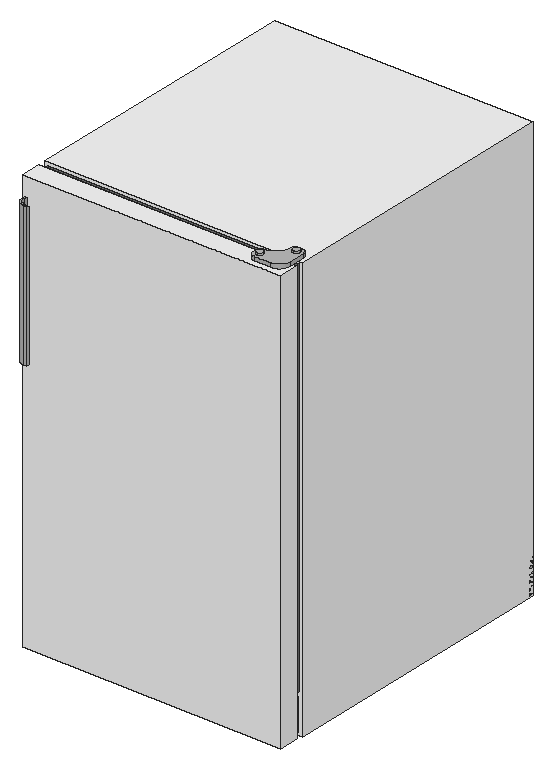
Revit family
Parameters
  Assembly Code = ""
Reference planes
  plane 1 "Center (Back)": y = 0
  plane 2: z = 0
  plane 3 "Center (Left/Right)": x = 0
  plane 4: y = -552.45
  plane 5: x = 490
  plane 6: x = 483.6
  plane 7: x = 600.075
Forms (mm)
  Extrusion 1, solid, material "Fridge - Body"
    sketch origin (0, 0, 0) x (0, 1, 0) y (0, 0, 1)
      loop
        line (0, 6.35) -> (0, 812.8) -> (-546.1, 812.8) -> (-546.1, 6.35) -> (0, 6.35)
    from 0 to 490
  Extrusion 2, solid, material "Fridge - Body"
    sketch origin (0, 0, 0) x (0, 1, 0) y (0, 0, 1)
      loop
        line (-558.8, 812.8) -> (-596.9, 812.8) -> (-596.9, 8.891) -> (-558.8, 8.891) -> (-558.8, 812.8)
    from 0 to 490
  Extrusion 3, solid, material "Fridge - Gasket"
    sketch origin (0, 0, 0) x (0, 1, 0) y (0, 0, 1)
      loop
        line (-552.45, 808.037) -> (-552.45, 80.962) -> (-546.1, 80.962) -> (-546.1, 808.037) -> (-552.45, 808.037)
    from 6.35 to 483.6
  Extrusion 4, solid, material "Fridge - Gasket"
    sketch origin (0, -6.35, 0) x (0, 1, 0) y (0, 0, 1)
      loop
        line (-552.45, 806.45) -> (-552.45, 82.55) -> (-546.1, 82.55) -> (-546.1, 806.45) -> (-552.45, 806.45)
    from 6.35 to 483.6
  Extrusion 5, solid, material "Fridge - Handle & Bracket"
    sketch origin (0, 0, 0) x (1, 0, 0) y (0, 1, 0)
      loop
        line (6.35, -603.25) -> (6.35, -596.9) -> (3.175, -596.9) -> (3.175, -603.25)
        arc (3.175, -603.25) -> (7.825, -614.475) -> (19.05, -619.125) r 15.875
        line (19.05, -619.125) -> (25.4, -619.125) -> (25.4, -615.95) -> (19.05, -615.95)
        arc (19.05, -615.95) -> (10.07, -612.23) -> (6.35, -603.25) r 12.7
    from 505.975 to 775.788
  Extrusion 6, solid
    sketch origin (31.75, 56.474, 0) x (1, 0, 0) y (0, 1, 0)
      loop
        circle (12.461, -580.349) r 19.05
    from 0 to 6.35
  Extrusion 7, solid
    sketch origin (458.25, 56.474, 0) x (-1, 0, 0) y (0, -1, 0)
      loop
        circle (9.286, 580.349) r 19.05
    from 0 to 6.35
  Extrusion 8, solid
    sketch origin (31.75, -615.274, 0) x (1, 0, 0) y (0, 1, 0)
      loop
        circle (12.461, 580.349) r 19.05
    from 0 to 6.35
  Extrusion 9, solid
    sketch origin (458.25, -615.274, 0) x (-1, 0, 0) y (0, -1, 0)
      loop
        circle (9.286, -580.349) r 19.05
    from 0 to 6.35
  Extrusion 10, void
    sketch origin (0, 0, 0) x (1, 0, 0) y (0, 0, 1)
      loop
        line (6.35, 73.094) -> (6.35, 8.891) -> (483.6, 8.891) -> (483.6, 73.094) -> (6.35, 73.094)
    from 0 to 558.8
  Extrusion 11, solid, material "Fridge - Rear Louver"
    sketch origin (0, 557.595, 0) x (0, 1, 0) y (0, 0, 1)
      loop
        line (-557.595, 8.891) -> (-557.595, 73.094) -> (-565.15, 73.094) -> (-565.15, 8.891) -> (-557.595, 8.891)
    from 6.35 to 490
  Extrusion 12, solid, material "Fridge - Handle & Bracket"
    sketch origin (-110.075, 0, 817.008) x (1, 0, 0) y (0, 1, 0)
      loop
        arc (592.49, -534.964) -> (589.473, -527.68) -> (582.189, -524.663) r 10.301
        line (582.189, -524.663) -> (577.039, -524.663)
        arc (577.039, -524.663) -> (569.755, -527.68) -> (566.738, -534.964) r 10.301
        line (566.738, -534.964) -> (566.738, -536.29)
        arc (566.738, -536.29) -> (565.562, -542.203) -> (562.212, -547.215) r 15.451
        line (562.212, -547.215) -> (553.237, -556.191)
        arc (553.237, -556.191) -> (548.224, -559.54) -> (542.311, -560.716) r 15.451
        line (542.311, -560.716) -> (540.986, -560.716)
        arc (540.986, -560.716) -> (533.702, -563.733) -> (530.685, -571.017) r 10.301
        line (530.685, -571.017) -> (530.685, -576.168)
        arc (530.685, -576.168) -> (533.702, -583.451) -> (540.986, -586.468) r 10.301
        line (540.986, -586.468) -> (571.888, -586.468)
        arc (571.888, -586.468) -> (586.456, -580.434) -> (592.49, -565.867) r 20.602
        line (592.49, -565.867) -> (592.49, -534.964)
    from -4.208 to 3.175
  Extrusion 13, solid, material "Fridge - Handle & Bracket"
    sketch origin (-110.075, -10.411, 812.8) x (1, 0, 0) y (0, 1, 0)
      loop
        circle (579.614, -524.663) r 6.35
    from 0 to 9.843
  Extrusion 14, solid, material "Fridge - Handle & Bracket"
    sketch origin (-148.881, -48.929, 812.8) x (1, 0, 0) y (0, 1, 0)
      loop
        circle (579.614, -524.663) r 6.35
    from 0 to 9.843
  Extrusion 15, solid, material "Fridge - Handle & Bracket"
    sketch origin (-148.881, -48.929, 803.072) x (1, 0, 0) y (0, 1, 0)
      loop
        circle (579.614, -524.663) r 6.35
    from -727.886 to -724.711
Cuts and joins
  Extrusion 10 cuts Extrusion 1
  joined: Extrusion 12, Extrusion 13, Extrusion 14
